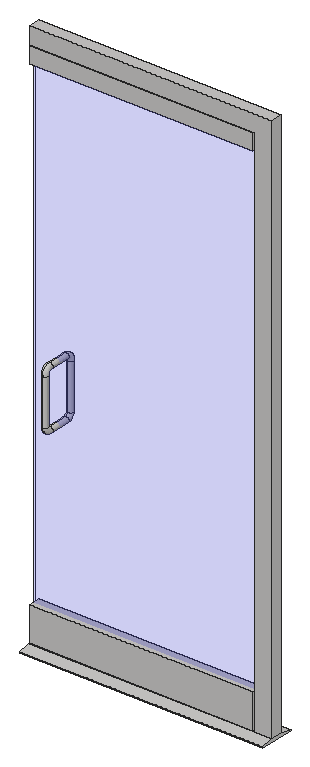
Revit family
Parameters (values of type "As Specified in the Contract Documents")
  ofst2 [instance] = abs(Offset from Exterior Wall Face - (Thickness / 2))  # 0' - 2"
  Top Rail [instance] = 0' - 2 3/4"
  Top RO Spacing = 0' - 0 1/4"
  Top Mechanism Height [instance] = if(Power Operation, 0' 7 1/2", 0' 3.13")  # 0' - 3.13"
  Threshold Width [instance] = 0' - 6"
  Threshold Material [instance] = Stainless Steel w Polished Finish - Ellison
  Thickness = 0' - 2"  # constant formula
  SpecWizard = "http://www.arcat.com/specwizard/08480ell/index.htm?coid=32253&mf="
  Revision = "R1_10-2010"
  Right RO Spacing = 0' - 0.13"
  Warranty Duration (Years) = 0
  U_Factor [instance] = 0
  URL = "http://www.ellisonbronze.com/"
  Test Data = "http://www.ellisonbronze.com/newspecs/index.html"
  Specification = "http://www.arcat.com/sdspecs/htm/08480ell.htm"
  Send Message = "http://www.arcat.com/users.pl?action=UserEmail&company=Ellison%20Bronze,%20Inc.&coid=32253&rep=106&fax=716-665-5552&mf="
  Sales Information = "http://www.ellisonbronze.com/contact.html"
  SHGC [instance] = 0
  Rough Width = Width + Right RO Spacing + Left RO Spacing  # 3' - 6.29"
  Rough Height = Height + Right RO Spacing  # 8' - 1.13"
  R_Value [instance] = 0
  Product Properties = ""
  Product Data = "http://www.arcat.com/arcatcos/cos32/arc32253.html"
  Power Operation [instance] = no
  Panel Material = Stainless Steel w Polished Finish - Ellison
  Operation = "As Specified in 08 42 36"
  Model = "As Specified in 08 42 36"
  Minor Door Swing Y Start = Width * 0.507  # 1' - 7.71216"
  Minor Door Swing X Start = Width * 0.6157  # 1' - 11.93842"
  Minor Door Swing Radius = Width * 0.5367  # 1' - 8.8669"
  Manufacturer Website = "http://www.ellisonbronze.com/"
  Manufacturer Phone - Toll Free = "800-665-6445 "
  Manufacturer Phone = "716-665-6522 "
  Manufacturer Fax = "716-665-5552"
  Manufacturer Address = "125 W. Main St., Falconer, NY 14733"
  Manufacturer = "Ellison Bronze, Inc."
  Maintenance Schedule (Months) = 0
  Left RO Spacing = 0' - 3.28"
  Keynote = "08 42 36"
  Installation-Fabrication = "http://www.ellisonbronze.com/instmain.html"
  Installation Phase = "Exterior Enclosure"
  Height = 8' - 1"
  Hardware Finish = Stainless Steel w Polished Finish - Ellison
  Green Building-LEED = "http://www.arcat.com/green/clients/leed_data_32253.html"
  Glass Thickness = if(Height < 9' 0.1", 0' 0 1/2", 0' 0 3/4")  # 0' - 0 1/2"
  Frame Material = Stainless Steel w Polished Finish - Ellison
  Fire Rating = "As Specified in 08 42 36"
  F588_Forced-Entry = "As Specified in 08 42 36"
  Expected Lifespan (Years) = 0
  E547_Water-Resistance = "As Specified in 08 42 36"
  E330_Structural-Test-Pressure = "As Specified in 08 42 36"
  E283_Air-Infiltration = "As Specified in 08 42 36"
  Drawn By = "Robert S. Weygant. CSI, CDT, SCIP"
  Door Glazing = Glass
  Description = "Stainless Steel All Glass Balanced Door"
  Wall Closure = (empty or 0)
  Width = 3' - 2.88"
  Copyright = "2010 ARCAT, Inc."
  Construction Details = "http://www.ellisonbronze.com/newspecs/index.html"
  Offset from Exterior Wall Face [instance] = -0' - 1"
  Bottom Rail [instance] = 0' - 6"
  Assembly Code = "B2020100"
  AAMA Conformance = "As Specified in 08 42 36"
Reference planes (in)
  plane 1 "Center (Front/Back)": y = 0.3125
  plane 2 "Center (Left/Right)": x = -0.64125
  plane 3 "Left": x = -21.72125
  plane 4 "Right": x = 17.15875
  plane 5 "Center": z = 47.27875
  plane 6 "Exterior": y = 2.3125
  plane 7 "Interior": y = -3.6875
  plane 8 "FrameRight": x = 20.43875
  plane 9 "FrameLeft": x = -21.85125
  plane 10 "FrameUpper": z = 97
  plane 11 "Top": z = 97.25
  plane 12: z = 93.87
  plane 13: z = 0.6875
Forms (in)
  Extrusion 1, solid, material "Stainless Steel w Polished Finish - Ellison" <- "Panel Material"
    sketch origin (0, 0.3125, 0) x (1, 0, 0) y (0, 0, 1)
      loop
        line (17.15875, 93.87) -> (-21.72125, 93.87) -> (-21.72125, 91.12) -> (17.15875, 91.12) -> (17.15875, 93.87)
      loop
        line (17.15875, 0.6875) -> (17.15875, 6.6875) -> (-21.72125, 6.6875) -> (-21.72125, 0.6875) -> (17.15875, 0.6875)
    from -1 to 1
  Extrusion 2, solid, material "Glass" <- "Door Glazing"
    sketch origin (0, 0.3125, 0) x (1, 0, 0) y (0, 0, 1)
      loop
        line (17.15875, 93.87) -> (-21.72125, 93.87) -> (-21.72125, 0.6875) -> (17.15875, 0.6875) -> (17.15875, 93.87)
    from -0.25 to 0.25
  Extrusion 3, solid, material "Stainless Steel w Polished Finish - Ellison" <- "Frame Material"
    sketch origin (0, 0.3125, 3.125) x (1, 0, 0) y (0, 0, 1)
      loop
        line (20.43875, 93.875) -> (-21.85125, 93.875) -> (-21.85125, 90.87) -> (17.40875, 90.87) -> (17.40875, -2.625) -> (20.43875, -2.625) -> (20.43875, 93.875)
    from -1 to 1
  Extrusion 4, solid, material "Stainless Steel w Polished Finish - Ellison" <- "Threshold Material"
    sketch origin (-0.64125, 0, 0) x (0, 1, 0) y (0, 0, 1)
      loop
        line (3.3125, 0) -> (3.3125, 0.19) -> (1.33515, 0.5) -> (-0.71015, 0.5) -> (-2.6875, 0.19) -> (-2.6875, 0) -> (3.3125, 0)
    from -21.21 to 21.08
Lines and regions (in)
  Opening 1
    outline origin (-95.7153, -3.6875, 0) x (1, 0, 0) y (0, 0, 1)
      loop
        line (73.86405, 97.25) -> (73.86405, 0) -> (116.15405, 0) -> (116.15405, 97.25) -> (73.86405, 97.25)
  symbolic lines, style "Elevation Swing"
    curve 1: line (-21.72125, 0, 93.87) -> (17.15875, 0, 47.27875)
    curve 2: line (-21.72125, 0, 0.6875) -> (17.15875, 0, 47.27875)
  symbolic lines, style "DoorsPanelProjection"
    curve 3: line (16.13107, -11.9375, 0) -> (14.13107, -11.9375, 0)
    curve 4: line (16.13107, -11.9375, 0) -> (16.13107, 26.9425, 0)
    curve 5: line (16.13107, 26.9425, 0) -> (14.13107, 26.9425, 0)
    curve 6: line (14.13107, -11.9375, 0) -> (14.13107, 26.9425, 0)
    curve 7: arc (-21.71923, 1.3125, 0) -> (-17.65467, 12.77509, 0) -> (-7.88967, 20.02466, 0) r 20.8669
  symbolic lines, style "Plan Swing"
    curve 8: arc (-7.88967, 20.02466, 0) -> (2.90967, 24.15534, 0) -> (14.13107, 26.9425, 0) r 94.93214
  symbolic lines, style "DoorsFrameMullionProjection"
    curve 9: line (20.43875, 1.3125, 0) -> (17.40875, 1.3125, 0)
    curve 10: line (20.43875, -0.6875, 0) -> (20.43875, 1.3125, 0)
    curve 11: line (17.40875, -0.6875, 0) -> (20.43875, -0.6875, 0)
    curve 12: line (17.40875, 1.3125, 0) -> (17.40875, -0.6875, 0)
  reference lines
    curve 13: line (4.04875, 0.3125, 91.12) -> (40.40875, 0.3125, 91.12)
    curve 14: line (4.04875, 0.3125, 6.6875) -> (45.40875, 0.3125, 6.6875)
Text (in)
  text "EXTERIOR" at (-79.42766, 23.47596, 0), in view "Ref. Level"
  text "INTERIOR" at (-79.42766, -17.27685, 0), in view "Ref. Level"
  text "Exterior" at (0, 47.2975, 123.29936), in view "Left"
  text "Exterior" at (0, 19.21628, 132.11189), in view "Right"
Dimensions and locks (in)
  host wall to plane 6 "Exterior" = 0' - 0"
  host wall to plane 7 "Interior" = 0' - 0"
  "Width": plane 3 "Left" to plane 4 "Right"
  equal spacing: plane 3 "Left", plane 2 "Center (Left/Right)", plane 8 "FrameRight"
  "Right RO Spacing": plane 9 "FrameLeft" to plane 3 "Left"
  "Left RO Spacing": plane 4 "Right" to plane 8 "FrameRight"
  "ofst2": plane 1 "Center (Front/Back)" to host wall
  locked: plane 13 to level at 0.6875
  equal spacing: plane 13, plane 5 "Center", plane 12
  "Thickness": Extrusion 1 to Extrusion 1
  "Width": curve 5 to curve 3
  "Glass Thickness": Extrusion 2 to Extrusion 2
  equal spacing: Extrusion 2, plane 1 "Center (Front/Back)", Extrusion 2
  equal spacing: Extrusion 1, plane 1 "Center (Front/Back)", Extrusion 1
  locked: curve 3 to plane 1 "Center (Front/Back)" at 12.25
  "Minor Door Swing Y Start": plane 1 "Center (Front/Back)" to curve 8
  "Top Mechanism Height": plane 12 to plane 10 "FrameUpper"
  "Height": level to plane 10 "FrameUpper"
  "Top RO Spacing": plane 10 "FrameUpper" to plane 11 "Top"
  locked: curve 6 to plane 8 "FrameRight" at 6.30768
  "Thickness": curve 6 to curve 4
  "Top Rail": curve 13 to plane 12
  "Bottom Rail": plane 13 to curve 14
  equal spacing: Extrusion 4 sketch curve, plane 1 "Center (Front/Back)", Extrusion 4 sketch curve
  locked: Extrusion 4 sketch curve to level at 0.5
  Extrusion 4 sketch curve to plane 1 "Center (Front/Back)" to Extrusion 4 sketch curve = 0' - 1.02265" locked, 0' - 1.02265" locked
  "Threshold Width": Extrusion 4 to Extrusion 4
  locked: plane 3 "Left" to nested 1 at 4
  "Minor Door Swing Radius": radius of curve 7
  aligned and locked: Opening 1 sketch curve to plane 8 "FrameRight"
  aligned and locked: plane 9 "FrameLeft" to Opening 1 sketch curve
  aligned and locked: Opening 1 sketch curve to plane 11 "Top"
  aligned and locked: level to Opening 1 sketch curve
  aligned and locked: plane 4 "Right" to curve 2
  aligned and locked: plane 5 "Center" to curve 2
  aligned and locked: Extrusion 1 to curve 7
  aligned and locked: host wall to plane 7 "Interior"
  aligned and locked: plane 6 "Exterior" to host wall
  aligned and locked: curve 5 to curve 8
  aligned and locked: Extrusion 3 to curve 9
  aligned and locked: curve 9 to Extrusion 3
  aligned and locked: curve 12 to Extrusion 3  (x2)
  aligned and locked: Extrusion 1 sketch curve to curve 14
  aligned and locked: Extrusion 1 sketch curve to curve 13
  aligned and locked: Extrusion 4 to plane 8 "FrameRight"
  aligned and locked: Extrusion 4 to plane 9 "FrameLeft"
  aligned and locked: Extrusion 3 to Extrusion 1  (x2)
Automatic sketch dimensions
  curve 1 to plane 3 "Left" = 0' - 0"
  curve 1 to plane 12 = 0' - 0"
  curve 2 to plane 3 "Left" = 0' - 0"
  curve 2 to plane 13 = 0' - 0"
  curve 7 to plane 1 "Center (Front/Back)" = 0' - 0.06016"
  curve 7 to plane 2 "Center (Left/Right)" = 0' - 0.23226"
  curve 8 to plane 8 "FrameRight" = 0' - 10.92301"
  Extrusion 1 sketch curve to plane 4 "Right" = 0' - 0"
  Extrusion 1 sketch curve to plane 13 = 0' - 0"
  Extrusion 1 sketch curve to plane 12 = 0' - 0"
  Extrusion 3 sketch curve to plane 9 "FrameLeft" = 0' - 0"
  Extrusion 3 sketch curve to plane 8 "FrameRight" = 0' - 0"
  Extrusion 3 sketch curve to plane 10 "FrameUpper" = 0' - 0"
  Extrusion 3 sketch curve to plane 4 "Right" = 0' - 0 1/4"
  plane 12 to Extrusion 3 sketch curve = 0' - 0 1/8"
  Extrusion 3 sketch curve to plane 13 = 0' - 0 3/16"
  plane 2 "Center (Left/Right)" to curve 13 = 0' - 4.69"
  plane 2 "Center (Left/Right)" to curve 14 = 0' - 4.69"
  curve 13 to plane 8 "FrameRight" = 1' - 7.97"
  curve 14 to plane 8 "FrameRight" = 2' - 0.97"
  Extrusion 4 sketch curve to level = 0' - 0"
  host wall to Extrusion 4 sketch curve = 0' - 2"
  level to Extrusion 4 sketch curve = 0' - 0.19"  (x2)
  Extrusion 2 sketch curve to plane 3 "Left" = 0' - 0"
  Extrusion 2 sketch curve to plane 4 "Right" = 0' - 0"
  Extrusion 2 sketch curve to plane 13 = 0' - 0"
  Extrusion 2 sketch curve to plane 12 = 0' - 0"
  Extrusion 1 sketch curve to plane 3 "Left" = 0' - 0"  (x2)
  plane 4 "Right" to Extrusion 1 sketch curve = 0' - 0"
Nested families (in)
  nested 1: "Handle_Straight_Ellison" at (-17.72125, 0.5625, 40.68751) x (1, 0, 0) z (0, 1, 0), type "Handle_Straight_Ellison"
Definition of nested family "Handle_Straight_Ellison"
  Parameters
    Material = Stainless Steel w Polished Finish - Ellison
    Default Elevation = 4' - 0"
  Reference planes (in)
    plane 1 "Center (Front/Back)": y = 0
    plane 2: z = 0
    plane 3 "Center (Left/Right)": x = 0
  Forms (in)
    Sweep 1, solid, material "Stainless Steel w Polished Finish - Ellison" <- "Material"
      path origin (0, 0, 0) x (0, 1, 0) y (0, 0, 1)
        loop
          arc (-4.99999, -2) -> (-4.70709, -2.70711) -> (-3.99999, -3) r 1
          line (-3.99999, -3) -> (4.00001, -3)
          arc (4.00001, -3) -> (4.70712, -2.70711) -> (5.00001, -2) r 1
          line (5.00001, -2) -> (5.00001, 1.5)
          arc (5.00001, 1.5) -> (4.70712, 2.20711) -> (4.00001, 2.5) r 1
          line (4.00001, 2.5) -> (-3.99999, 2.5)
          arc (-3.99999, 2.5) -> (-4.70709, 2.20711) -> (-4.99999, 1.5) r 1
          line (-4.99999, 1.5) -> (-4.99999, -2)
      profile "PR-Circle : PR-Circle" origin (0, -4.99999, -0.25) x (0, -1, 0) y (1, 0, 0)
        loop
          circle (0, 0) r 0.5
